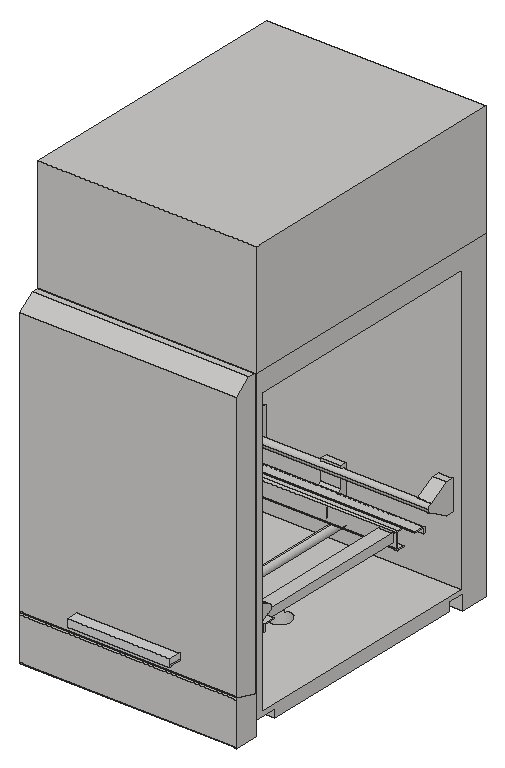
Revit family "QF_ELECTROLUXPROFESSIONAL_535097_NMDDRE5", category Specialty Equipment, Revit 2018
Family settings
  Round Connector Dimension = Use Diameter
  Part Type = Normal
  Work Plane-Based = No
  Always vertical = Yes
  Cut with Voids When Loaded = No
  Shared = No
  Room Calculation Point = No
Parameters (values of type "NMDDRE5")
  Weight = 0.00 kg
  Watts = 0 W
  Volts = 0 V
  URL Manufacturer = ""
  URL = "http://professional.electrolux.com"
  Steam Supply Size = 0 mm
  Steam Supply Minimum Pressure = 0.0 Pa
  Steam Supply Maximum Pressure = 0.0 Pa
  Steam Pounds per Hour = 0
  Show Logo [instance] = yes
  Refrigeration Suction Line Size = 0 mm
  Refrigeration Liquid Line Size = 0 mm
  Refrigerant Compressor Remote = yes
  Manufacturer = "Electrolux"
  Phase = 0
  Model = "ESR10E5"
  Length Actual = 560 mm  # constant formula
  Show Clearance [instance] = yes
  Item Number = ""
  Hot Water Size = 0 mm
  Height Actual = 1172 mm  # constant formula
  HP = "5.9 HP"
  Gas Size = 0 mm
  Gas KW = 0
  Gas Input Pressure = 0 W
  Direct Waste Size = 50 mm
  Description = "SINGLE RINSE RT, 100R/H, ELECTRIC 50HZ"
  Depth Actual = 825 mm  # constant formula
  Cycle = 0 Hz
  Condensate Return Size = 0 mm
  Compressed Air Volume = 0.0 L/s
  Compressed Air Size = 0 mm
  Compressed Air Pressure = 0.0 Pa
  Cold Water Size = 0 mm
  Accessory = yes
Types (3, lengths in mm): name | Volts | URL Manufacturer | URL | Manufacturer | Phase | Model | Item Number | Description | Cycle
  (no name) | 0 V | "" | "http://professional.electrolux.com" | "Electrolux" | 0 | "ESR10E5" | "" | "SINGLE RINSE RT, 100R/H, ELECTRIC 50HZ" | 0 Hz
  NMDDRE5 | 0 V | "" | "http://professional.electrolux.com" | "Electrolux" | 0 | "ESR10E5" | "" | "SINGLE RINSE RT, 100R/H, ELECTRIC 50HZ" | 0 Hz
  Standard | 380 V | "http://professional.electrolux.com/" | "http://professional.electrolux.com/" | "Electrolux Professional" | 3 | "NMDDRE5" | "535097" | "MEDIUM DRYER WITH DOOR, DUAL RINSE RT, ELECTRIC, 50HZ" | 50 Hz
Reference planes
  plane 1 "Center X": y = -10.242
  plane 2: z = 0
  plane 3 "LEFT": x = -383.563
  plane 4 "RIGHT": x = 176.437
  plane 5 "BACK": y = 388.258
  plane 6 "FEET": z = 150
  plane 7: z = 2095
  plane 8 "BASE": z = 187
  plane 9 "TOP": z = 1785
  plane 10 "FRONT": y = -408.742
  plane 11: y = 311.258
  plane 12 "Medium": z = 775
  plane 13 "DrainX": x = -36.563
Forms (mm)
  Extrusion 1, solid, material "QF_Finishes_Stainless Steel"
    sketch origin (176.437, 479.936, 4000) x (0, 1, 0) y (0, 0, 1)
      loop
        line (-96.678, -2215) -> (-828.678, -2215) -> (-828.678, -2507) -> (-96.678, -2507) -> (-96.678, -2215)
    from -560 to 0
  Extrusion 2, solid, material "QF_Finishes_Stainless Steel"
    sketch origin (-383.563, 437.565, 4000) x (0, 1, 0) y (0, 0, 1)
      loop
        line (-54.307, -2507) -> (-786.307, -2507) -> (-786.307, -3300) -> (-727.307, -3300) -> (-727.307, -3322) -> (-171.307, -3322) -> (-171.307, -3300) -> (-126.307, -3300) -> (-126.307, -3340) -> (-54.307, -3340) -> (-54.307, -2507)
      loop
        line (-129.307, -2557) -> (-769.307, -2557) -> (-769.307, -3290) -> (-129.307, -3290) -> (-129.307, -2557)
    from 560 to 0
  Revolve 3, solid, material "QF_Finishes_Stainless Steel"
    sketch origin (-36.563, 0, 0) x (0, -1, 0) y (0, 0, 1)
      loop
        line (35.242, 613) -> (35.242, 633) -> (40.242, 633) -> (40.242, 663) -> (47.242, 663) -> (47.242, 678) -> (30.242, 678) -> (30.242, 613) -> (35.242, 613)
      axis (10.242, 613) -> (10.242, 678)
    angle from 0 to 360
  Extrusion 4, void
    sketch origin (0, 0, 775) x (-1, 0, 0) y (0, -1, 0)
      loop
        circle (36.563, 10.242) r 30
    from 0 to -97
  Extrusion 5, solid, material "QF_Clearance", detail levels coarse
    sketch origin (516.437, -74.242, 0) x (1, 0, 0) y (0, 1, 0)
      loop
        line (-900, 462.5) -> (-340, 462.5) -> (-340, 512.5) -> (-900, 512.5) -> (-900, 462.5)
    from 659 to 1785
Cuts and joins
  Extrusion 4 cuts Extrusion 2
Lines and regions (mm)
  symbolic lines
    curve 1: line (-383.563, 383.258, 0) -> (176.437, 383.258, 0)
    curve 2: line (-383.563, -348.742, 0) -> (-383.563, 383.258, 0)
    curve 3: line (176.437, -348.742, 0) -> (-383.563, -348.742, 0)
    curve 4: line (176.437, 383.258, 0) -> (176.437, -348.742, 0)
    curve 7: line (-383.563, 383.258, 0) -> (177.437, -348.742, 0)
    curve 8: line (-383.563, -10.242, 0) -> (-358.563, -10.242, 0)
    curve 9: line (176.437, -10.242, 0) -> (151.437, -10.242, 0)
  symbolic lines, style "SpecialityEquipment"
    curve 5: line (176.437, -281.742, 0) -> (-383.563, -281.742, 0)
    curve 6: line (-383.563, 308.258, 0) -> (176.437, 308.258, 0)
  symbolic lines, style "QF_Clearances"
    curve 10: line (-383.563, 438.258, 0) -> (176.437, 438.258, 0)
Dimensions and locks
  plane 3 "LEFT" to plane 4 "RIGHT" = 560 mm
  plane 5 "BACK" to plane 1 "Center X" to plane 10 "FRONT" = 398.5 mm, 398.5 mm
  plane 6 "FEET" to level = 150 mm
  plane 6 "FEET" to plane 9 "TOP" = 1635 mm
  plane 5 "BACK" to plane 10 "FRONT" = 797 mm  (x2)
  plane 4 "RIGHT" to plane 3 "LEFT" = 560 mm
  nested 1 to nested 2 to nested 2 to nested 2 = 732 mm, 60 mm, 30 mm
  plane 12 "Medium" to level = 775 mm
  plane 3 "LEFT" to plane 13 "DrainX" = 347 mm
  aligned and locked: level to plane 2
Nested families
  nested 1: "Basket_Guide+Wash_Arm_22''" at (-514, 0, 0), type "Basket_Guide+Wash_Arm_22''"
  nested 2: "DoorMDryer_22''" at (-454, 0, 0), Show Clearance <- "Show Clearance", type "DoorMDryer_22''"
Connectors
  piping at (-36.563, -10.242, 613), diameter 50
    settings: on Revolve 3, index 1, connector inside diameter 609.6 mm, connector length 0 mm, flow factor 0, pipe flow 0.0 L/s, pressure drop 0.0 Pa, fitting loss kfactor 0, connector angle 0.00°, fixture units 0, engagement length 0 mm, angle of deflection 0.00°, flow configuration 1, flow direction 2, fitting loss method 0, system type 16, joint type 0, gender type 0, connector reference index -1, connector utility 0, adjustable connector no, is connector primary yes, connector description "DRAIN"
Definition of nested family "Basket_Guide+Wash_Arm_22''"
  Reference planes
    plane 1: z = 0
    plane 2 "Center Y": x = 409.437
    plane 3 "LEFT": x = 130.437
    plane 4 "BACK": y = 383.258
    plane 5 "FRONT": y = -408.742
    plane 6: z = 150
    plane 7 "TOP": z = 1785
    plane 8: z = 875
    plane 9 "RIGHT": x = 688.437
  Forms (mm)
    Extrusion 1, solid
      sketch origin (243.437, -18.984, 0) x (0, -1, 0) y (0, 0, 1)
        loop
          line (264.703, 929.245) -> (264.703, 907.554) -> (312.758, 879.81) -> (312.758, 956.99) -> (264.703, 929.245)
        loop
          line (-259.187, 929.245) -> (-307.242, 956.99) -> (-327.242, 956.99) -> (-327.242, 879.81) -> (-307.242, 879.81) -> (-259.187, 907.554) -> (-259.187, 929.245)
      from -424 to -388
    Extrusion 2, solid
      sketch origin (293.437, -18.984, 0) x (0, -1, 0) y (0, 0, 1)
        loop
          circle (264.703, 918.4) r 10
        loop
          circle (-259.187, 918.4) r 10
      from -374 to 142
    Extrusion 3, solid
      sketch origin (293.437, -18.984, 0) x (0, -1, 0) y (0, 0, 1)
        loop
          line (-252.564, 858) -> (-252.564, 870.68)
          arc (-252.564, 870.68) -> (-251.884, 872.32) -> (-250.244, 873) r 2.32
          line (-250.244, 873) -> (-222.564, 873) -> (-222.564, 875) -> (-250.244, 875)
          arc (-250.244, 875) -> (-253.299, 873.735) -> (-254.564, 870.68) r 4.32
          line (-254.564, 870.68) -> (-254.564, 858) -> (-252.564, 858)
        loop
          line (258.08, 858) -> (260.08, 858) -> (260.08, 870.68)
          arc (260.08, 870.68) -> (258.815, 873.735) -> (255.76, 875) r 4.32
          line (255.76, 875) -> (228.08, 875) -> (228.08, 873) -> (255.76, 873)
          arc (255.76, 873) -> (257.401, 872.32) -> (258.08, 870.68) r 2.32
          line (258.08, 870.68) -> (258.08, 858)
      from -360 to 128
    Extrusion 4, solid
      sketch origin (293.437, -18.984, 0) x (0, -1, 0) y (0, 0, 1)
        loop
          arc (-216.187, 825.32) -> (-216.866, 823.679) -> (-218.507, 823) r 2.32
          line (-218.507, 823) -> (-236.187, 823) -> (-236.187, 821) -> (-218.507, 821)
          arc (-218.507, 821) -> (-215.452, 822.265) -> (-214.187, 825.32) r 4.32
          line (-214.187, 825.32) -> (-214.187, 861.68)
          arc (-214.187, 861.68) -> (-215.452, 864.735) -> (-218.507, 866) r 4.32
          line (-218.507, 866) -> (-236.187, 866) -> (-236.187, 864) -> (-218.507, 864)
          arc (-218.507, 864) -> (-216.866, 863.32) -> (-216.187, 861.68) r 2.32
          line (-216.187, 861.68) -> (-216.187, 825.32)
        loop
          line (221.703, 825.32) -> (221.703, 861.68)
          arc (221.703, 861.68) -> (222.383, 863.32) -> (224.023, 864) r 2.32
          line (224.023, 864) -> (241.703, 864) -> (241.703, 866) -> (224.023, 866)
          arc (224.023, 866) -> (220.969, 864.735) -> (219.703, 861.68) r 4.32
          line (219.703, 861.68) -> (219.703, 825.32)
          arc (219.703, 825.32) -> (220.969, 822.265) -> (224.023, 821) r 4.32
          line (224.023, 821) -> (241.703, 821) -> (241.703, 823) -> (224.023, 823)
          arc (224.023, 823) -> (222.383, 823.679) -> (221.703, 825.32) r 2.32
      from -320 to 88
    Extrusion 5, solid
      sketch origin (575.437, -18.984, 0) x (0, -1, 0) y (0, 0, 1)
        loop
          line (264.703, 929.245) -> (264.703, 907.554) -> (312.758, 879.81) -> (312.758, 956.99) -> (264.703, 929.245)
        loop
          line (-259.187, 929.245) -> (-307.242, 956.99) -> (-327.242, 956.99) -> (-327.242, 879.81) -> (-307.242, 879.81) -> (-259.187, 907.554) -> (-259.187, 929.245)
      from 424 to 388
    Extrusion 6, solid
      sketch origin (243.437, -18.984, 0) x (0, -1, 0) y (0, 0, 1)
        loop
          line (219.703, 858) -> (-214.187, 858) -> (-214.187, 836) -> (219.703, 836) -> (219.703, 858)
      from -360 to -325
    Extrusion 7, solid
      sketch origin (575.437, -18.984, 0) x (0, -1, 0) y (0, 0, 1)
        loop
          line (219.703, 858) -> (-214.187, 858) -> (-214.187, 836) -> (219.703, 836) -> (219.703, 858)
      from 360 to 325
    Extrusion 8, solid
      sketch origin (409.437, 308.258, 1443) x (0, 0, 1) y (-1, 0, 0)
        loop
          line (-650.516, 7.5) -> (-663.507, 15) -> (-676.497, 7.5) -> (-676.497, -7.5) -> (-663.507, -15) -> (-650.516, -7.5) -> (-650.516, 7.5)
        loop
          line (-22.01, 7.5) -> (-35, 15) -> (-47.99, 7.5) -> (-47.99, -7.5) -> (-35, -15) -> (-22.01, -7.5) -> (-22.01, 7.5)
      from 0 to 30
    Extrusion 9, solid
      sketch origin (409.437, 278.258, 1443) x (0, 0, 1) y (-1, 0, 0)
        loop
          circle (-663.507, 0) r 10
        loop
          circle (-35, 0) r 10
      from 0 to 537.443
    Extrusion 10, solid
      sketch origin (409.437, -38.984, 0) x (0, -1, 0) y (0, 0, 1)
        loop
          line (244.703, 880.8) -> (236.703, 872.8) -> (221.703, 872.8) -> (221.703, 855.89) -> (201.703, 855.89) -> (201.703, 833.698) -> (238.1, 833.698) -> (209.284, 804.882) -> (200.502, 763.596) -> (201.48, 763.388) -> (210.201, 804.385) -> (262.124, 856.308) -> (262.124, 933.4) -> (244.703, 933.4) -> (244.703, 880.8)
        loop
          line (-279.187, 880.8) -> (-279.187, 933.4) -> (-296.608, 933.4) -> (-296.608, 856.308) -> (-273.998, 833.698) -> (-236.187, 833.698) -> (-236.187, 855.89) -> (-256.187, 855.89) -> (-256.187, 872.8) -> (-271.187, 872.8) -> (-279.187, 880.8)
        loop
          line (220.202, 1443) -> (218.202, 1443) -> (218.202, 1420.7) -> (195.852, 1381.988) -> (197.584, 1380.988) -> (220.202, 1420.164) -> (220.202, 1443)
      from -25 to 25
  Cuts and joins
    joined: Extrusion 1, Extrusion 2, Extrusion 3, Extrusion 4, Extrusion 5, Extrusion 6, Extrusion 7, Extrusion 8, Extrusion 9, Extrusion 10
  Dimensions and locks
    plane 3 "LEFT" to plane 9 "RIGHT" = 558 mm
    equal spacing: plane 3 "LEFT", plane 2 "Center Y", plane 9 "RIGHT", locked at 279 each
    plane 7 "TOP" to plane 6 to level = 1635 mm, 150 mm
    plane 4 "BACK" to plane 5 "FRONT" = 792 mm
    aligned and locked: level to plane 1
  Automatic sketch dimensions
    plane 8 to Extrusion 1 sketch curve = 4.81 mm  (x2)
    Extrusion 1 sketch curve to plane 4 "BACK" = 75 mm
    Extrusion 1 sketch curve to Extrusion 1 sketch curve = 20 mm  (x2)
    Extrusion 1 sketch curve to Extrusion 1 sketch curve = 48.055 mm  (x2)
    plane 8 to Extrusion 1 sketch curve = 32.554 mm  (x2)
    plane 5 "FRONT" to Extrusion 1 sketch curve = 125.055 mm
    Extrusion 1 sketch curve to Extrusion 1 sketch curve = 21.691 mm  (x2)
    Extrusion 1 sketch curve to Extrusion 1 sketch curve = 27.745 mm  (x2)
    plane 8 to Extrusion 2 sketch curve = 43.4 mm  (x2)
    Extrusion 2 sketch curve to plane 4 "BACK" = 143.055 mm
    plane 5 "FRONT" to Extrusion 2 sketch curve = 125.055 mm
    Extrusion 3 sketch curve to Extrusion 3 sketch curve = 0 mm  (x4)
    Extrusion 3 sketch curve to plane 8 = 0 mm  (x2)
    Extrusion 3 sketch curve to plane 8 = 4.32 mm  (x2)
    Extrusion 3 sketch curve to plane 4 "BACK" = 147.678 mm
    Extrusion 3 sketch curve to Extrusion 3 sketch curve = 2 mm  (x2)
    Extrusion 3 sketch curve to Extrusion 3 sketch curve = 27.68 mm  (x2)
    plane 5 "FRONT" to Extrusion 3 sketch curve = 161.678 mm
    Extrusion 3 sketch curve to Extrusion 3 sketch curve = 12.68 mm  (x2)
    Extrusion 4 sketch curve to Extrusion 4 sketch curve = 0 mm  (x9)
    Extrusion 4 sketch curve to plane 8 = 9 mm
    Extrusion 4 sketch curve to plane 4 "BACK" = 166.055 mm
    Extrusion 4 sketch curve to Extrusion 4 sketch curve = 17.68 mm  (x4)
    Extrusion 4 sketch curve to Extrusion 4 sketch curve = 2.32 mm  (x3)
    Extrusion 4 sketch curve to Extrusion 4 sketch curve = 2 mm  (x2)
    Extrusion 4 sketch curve to plane 8 = 49.68 mm
    plane 5 "FRONT" to Extrusion 4 sketch curve = 170.055 mm
    Extrusion 4 sketch curve to Extrusion 4 sketch curve = 43 mm
    Extrusion 4 sketch curve to plane 8 = 13.32 mm
    plane 8 to Extrusion 5 sketch curve = 4.81 mm  (x2)
    Extrusion 5 sketch curve to plane 4 "BACK" = 75 mm
    Extrusion 5 sketch curve to Extrusion 5 sketch curve = 20 mm  (x2)
    Extrusion 5 sketch curve to Extrusion 5 sketch curve = 48.055 mm  (x2)
    plane 8 to Extrusion 5 sketch curve = 32.554 mm  (x2)
    plane 5 "FRONT" to Extrusion 5 sketch curve = 125.055 mm
    Extrusion 5 sketch curve to Extrusion 5 sketch curve = 21.691 mm  (x2)
    Extrusion 5 sketch curve to Extrusion 5 sketch curve = 27.745 mm  (x2)
    Extrusion 6 sketch curve to plane 8 = 17 mm
    Extrusion 6 sketch curve to plane 4 "BACK" = 188.055 mm
    Extrusion 6 sketch curve to plane 8 = 39 mm
    plane 5 "FRONT" to Extrusion 6 sketch curve = 170.055 mm
    Extrusion 7 sketch curve to plane 8 = 17 mm
    Extrusion 7 sketch curve to plane 4 "BACK" = 188.055 mm
    Extrusion 7 sketch curve to plane 8 = 39 mm
    plane 5 "FRONT" to Extrusion 7 sketch curve = 170.055 mm
    Extrusion 8 sketch curve to plane 2 "Center Y" = 7.5 mm  (x4)
    Extrusion 8 sketch curve to plane 8 = 108.497 mm
    Extrusion 8 sketch curve to plane 2 "Center Y" = 15 mm  (x2)
    Extrusion 8 sketch curve to Extrusion 8 sketch curve = 12.99 mm  (x6)
    plane 2 "Center Y" to Extrusion 8 sketch curve = 15 mm  (x2)
    Extrusion 8 sketch curve to plane 7 "TOP" = 389.99 mm
    plane 2 "Center Y" to Extrusion 8 sketch curve = 7.5 mm  (x4)
    plane 8 to Extrusion 10 sketch curve = 58.4 mm
    Extrusion 10 sketch curve to plane 4 "BACK" = 125.634 mm
    Extrusion 10 sketch curve to Extrusion 10 sketch curve = 17.421 mm  (x3)
    plane 8 to Extrusion 10 sketch curve = 5.8 mm  (x2)
    Extrusion 10 sketch curve to plane 8 = 41.302 mm  (x2)
    Extrusion 10 sketch curve to Extrusion 10 sketch curve = 22.61 mm
    Extrusion 10 sketch curve to plane 8 = 2.2 mm  (x2)
    Extrusion 10 sketch curve to Extrusion 10 sketch curve = 8 mm  (x2)
    Extrusion 10 sketch curve to Extrusion 10 sketch curve = 15 mm  (x2)
    Extrusion 10 sketch curve to Extrusion 10 sketch curve = 20 mm  (x2)
    plane 5 "FRONT" to Extrusion 10 sketch curve = 173.907 mm
    Extrusion 10 sketch curve to Extrusion 10 sketch curve = 1.732 mm
    plane 5 "FRONT" to Extrusion 10 sketch curve = 169.257 mm
    Extrusion 10 sketch curve to Extrusion 10 sketch curve = 0.978 mm
    Extrusion 10 sketch curve to plane 8 = 19.11 mm
    Extrusion 10 sketch curve to Extrusion 10 sketch curve = 1.202 mm
    Extrusion 10 sketch curve to plane 8 = 70.118 mm
    Extrusion 10 sketch curve to Extrusion 10 sketch curve = 7.581 mm
    Extrusion 10 sketch curve to plane 8 = 70.615 mm
    Extrusion 10 sketch curve to Extrusion 10 sketch curve = 0.916 mm
    Extrusion 10 sketch curve to Extrusion 10 sketch curve = 22.35 mm
    Extrusion 10 sketch curve to Extrusion 10 sketch curve = 2 mm
    Extrusion 10 sketch curve to Extrusion 10 sketch curve = 16.397 mm
    Extrusion 10 sketch curve to Extrusion 10 sketch curve = 0 mm
    Extrusion 10 sketch curve to Extrusion 10 sketch curve = 16.909 mm
    Extrusion 10 sketch curve to plane 8 = 18.692 mm  (x2)
    Extrusion 10 sketch curve to Extrusion 10 sketch curve = 52.6 mm
    Extrusion 10 sketch curve to plane 7 "TOP" = 404.012 mm
    Extrusion 10 sketch curve to Extrusion 10 sketch curve = 1 mm
    Extrusion 10 sketch curve to Extrusion 10 sketch curve = 22.3 mm
    Extrusion 9 sketch curve to Extrusion 8 = 12.99 mm  (x3)
    Extrusion 9 sketch curve to Extrusion 9 sketch curve = 0 mm
    radius of Extrusion 2 sketch curve = 10 mm  (x2)
    radius of Extrusion 9 sketch curve = 10 mm  (x2)
Definition of nested family "DoorMDryer_22''"
  Parameters
    Show Clearance [instance] = yes
  Reference planes
    plane 1: z = 0
    plane 2 "Center Y": x = 350.437
    plane 3 "LEFT": x = 70.437
    plane 4 "RIGHT": x = 630.437
    plane 5 "FRONT": y = -408.742
    plane 6: z = 150
    plane 7: y = -348.742
    plane 8: z = 775
  Forms (mm)
    Extrusion 1, solid
      sketch origin (853.437, -408.742, 1493) x (0, 0, -1) y (1, 0, 0)
        loop
          line (666, -634) -> (681, -634)
          arc (681, -634) -> (684.536, -632.536) -> (686, -629) r 5
          line (686, -629) -> (686, -377)
          arc (686, -377) -> (684.536, -373.464) -> (681, -372) r 5
          line (681, -372) -> (666, -372) -> (666, -634)
      from 0 to 30
    Extrusion 2, solid
      sketch origin (350.437, 0, 0) x (0, 1, 0) y (0, 0, 1)
        loop
          line (-348.742, 659) -> (-348.742, 758.131) -> (-405.595, 774.035)
          arc (-405.595, 774.035) -> (-407.764, 773.603) -> (-408.742, 771.62) r 2.5
          line (-408.742, 771.62) -> (-408.742, 661.5)
          arc (-408.742, 661.5) -> (-408.01, 659.732) -> (-406.242, 659) r 2.5
          line (-406.242, 659) -> (-348.742, 659)
      from -277 to 277
    Extrusion 3, solid
      sketch origin (350.437, 0, 0) x (0, 1, 0) y (0, 0, 1)
        loop
          line (-351.742, 1493) -> (-368.817, 1493) -> (-408.742, 1463.413) -> (-408.742, 778.225)
          arc (-408.742, 778.225) -> (-408.225, 776.703) -> (-406.889, 775.81) r 2.5
          line (-406.889, 775.81) -> (-354.889, 761.206)
          arc (-354.889, 761.206) -> (-352.72, 761.638) -> (-351.742, 763.621) r 2.5
          line (-351.742, 763.621) -> (-351.742, 1493)
      from -277 to 277
    Extrusion 4, solid, visible <- "Show Clearance", detail levels coarse
      sketch origin (853.437, -408.742, 2095) x (0, 0, -1) y (1, 0, 0)
        loop
          line (666, -634) -> (681, -634)
          arc (681, -634) -> (684.536, -632.536) -> (686, -629) r 5
          line (686, -629) -> (686, -377)
          arc (686, -377) -> (684.536, -373.464) -> (681, -372) r 5
          line (681, -372) -> (666, -372) -> (666, -634)
      from 0 to 30
    Extrusion 5, solid, visible <- "Show Clearance", detail levels coarse
      sketch origin (350.437, 0, 0) x (0, 1, 0) y (0, 0, 1)
        loop
          line (-351.742, 2095) -> (-368.817, 2095) -> (-408.742, 2065.413) -> (-408.742, 1463.413) -> (-368.817, 1493) -> (-351.742, 1493) -> (-351.742, 2095)
      from -277 to 277
  Lines and regions (mm)
    symbolic lines
      curve 1: line (73.437, -408.742, 1785) -> (73.437, -348.742, 1785)
      curve 2: line (627.437, -408.742, 1785) -> (73.437, -408.742, 1785)
      curve 3: line (627.437, -348.742, 1785) -> (627.437, -408.742, 1785)
      curve 4: line (219.437, -438.742, 1785) -> (219.437, -408.742, 1785)
      curve 5: line (481.437, -438.742, 1785) -> (219.437, -438.742, 1785)
      curve 6: line (481.437, -408.742, 1785) -> (481.437, -438.742, 1785)
  Dimensions and locks
    locked: plane 3 "LEFT" to plane 4 "RIGHT" at 560
    plane 6 to level = 150 mm
    equal spacing: plane 3 "LEFT", plane 2 "Center Y", plane 4 "RIGHT", locked at 280 each
    plane 3 "LEFT" to Extrusion 5 = 3 mm
    Extrusion 5 to plane 4 "RIGHT" = 3 mm
    plane 8 to level = 775 mm
    aligned and locked: level to plane 1
    aligned and locked: Extrusion 3 to Extrusion 2
  Automatic sketch dimensions
    Extrusion 1 sketch curve to plane 2 "Center Y" = 131 mm
    plane 6 to Extrusion 1 sketch curve = 677 mm
    Extrusion 1 sketch curve to Extrusion 1 sketch curve = 15 mm  (x2)
    Extrusion 1 sketch curve to Extrusion 1 sketch curve = 5 mm
    plane 2 "Center Y" to Extrusion 1 sketch curve = 126 mm
    Extrusion 4 sketch curve to plane 2 "Center Y" = 131 mm
    plane 6 to Extrusion 4 sketch curve = 1279 mm
    Extrusion 4 sketch curve to Extrusion 4 sketch curve = 15 mm  (x2)
    Extrusion 4 sketch curve to Extrusion 4 sketch curve = 5 mm
    plane 2 "Center Y" to Extrusion 4 sketch curve = 126 mm
    curve 1 to plane 7 = 0 mm
    curve 3 to plane 7 = 0 mm
    curve 2 to plane 5 "FRONT" = 0 mm
    curve 5 to plane 5 "FRONT" = 30 mm
    plane 3 "LEFT" to curve 2 = 3 mm
    curve 5 to plane 2 "Center Y" = 131 mm
    plane 2 "Center Y" to curve 5 = 131 mm
    curve 2 to plane 4 "RIGHT" = 3 mm
    Extrusion 5 sketch curve to plane 5 "FRONT" = 0 mm
    Extrusion 5 sketch curve to plane 7 = 20.076 mm  (x2)
    Extrusion 5 sketch curve to plane 7 = 3 mm
    plane 6 to Extrusion 5 sketch curve = 1313.413 mm
    Extrusion 5 sketch curve to Extrusion 5 sketch curve = 29.587 mm  (x2)
    Extrusion 5 sketch curve to Extrusion 5 sketch curve = 572.413 mm
    Extrusion 3 sketch curve to plane 5 "FRONT" = 0 mm
    plane 5 "FRONT" to Extrusion 3 sketch curve = 1.853 mm
    Extrusion 3 sketch curve to Extrusion 3 sketch curve = 0.647 mm  (x2)
    Extrusion 3 sketch curve to plane 7 = 20.076 mm
    Extrusion 3 sketch curve to plane 7 = 6.147 mm
    Extrusion 3 sketch curve to plane 7 = 3 mm
    plane 6 to Extrusion 3 sketch curve = 611.206 mm
    Extrusion 3 sketch curve to Extrusion 3 sketch curve = 14.603 mm
    Extrusion 3 sketch curve to Extrusion 3 sketch curve = 685.188 mm
    Extrusion 3 sketch curve to Extrusion 3 sketch curve = 29.587 mm
    Extrusion 2 sketch curve to plane 5 "FRONT" = 0 mm
    Extrusion 2 sketch curve to plane 7 = 0 mm
    Extrusion 2 sketch curve to Extrusion 2 sketch curve = 2.5 mm  (x2)
    Extrusion 2 sketch curve to plane 8 = 0.965 mm
    Extrusion 2 sketch curve to Extrusion 2 sketch curve = 0.647 mm
    Extrusion 2 sketch curve to plane 8 = 16.869 mm
    Extrusion 2 sketch curve to Extrusion 2 sketch curve = 110.12 mm
